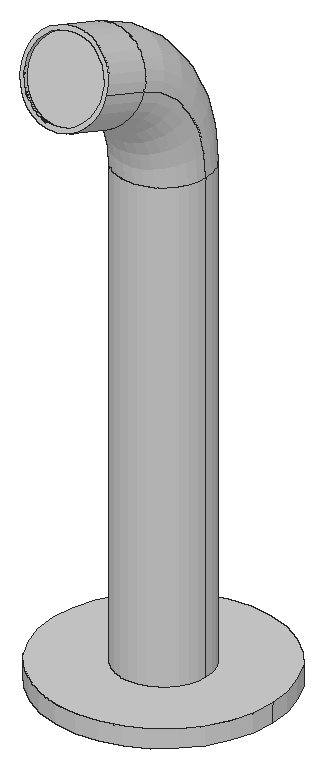
Revit family "Liano II - 175mm Basin-bath Outlet - Round", category Specialty Equipment, host Face, Revit 2019
Family settings
  Host = Face
  Round Connector Dimension = Use Radius
  Part Type = Normal
  OmniClass Number = 23.45.55.14
  OmniClass Title = Single Faucets
  Cut with Voids When Loaded = No
  Shared = No
  Room Calculation Point = No
Parameters (values of type "Liano II - 175mm Basin/bath Outlet - Round - Chrome")
  URL = "https://www.caroma.com.au/"
  Model = "96372C6A"
  Material_Base = GWA_Metal-Chrome
  Manufacturer = "GWA Bathrooms & Kitchens"  # constant formula
  Keynote = ""
  Description = "Liano II - 175mm Basin/bath Outlet - Round - Chrome"
  Default Elevation = 1000 mm
  CreatedBy_ANZRS = "GWA Bathrooms & Kitchens"  # constant formula
  Assembly Code = "C1030220"
Types (6, lengths in mm): name | Model | Material_Base | Description
  (no name) | "96372C6A" | GWA_Metal-Chrome | "Liano II - 175mm Basin/bath Outlet - Round - Chrome"
  Liano II - 175mm Basin/bath Outlet - Round - Chrome | "96372C6A" | GWA_Metal-Chrome | "Liano II - 175mm Basin/bath Outlet - Round - Chrome"
  Liano II - 175mm basin/bath outlet - Round - Matte Black | "96372B6A" | GWA-Metal-Black | "Liano II - 175mm basin/bath outlet - Round - Matte Black"
  Liano II - 175mm basin/bath outlet - Round - Brass | "96372BB6A" | GWA_Metal-Brushed-Brass | "Liano II - 175mm basin/bath outlet - Round - Brass"
  Liano II - 175mm basin/bath outlet - Round - Gunmetal | "96372GM6A" | GWA-Metal-Gunmetal Grey | "Liano II - 175mm basin/bath outlet - Round - Gunmetal"
  Liano II - 175mm basin/bath outlet - Round - Brushed Nickel | "96372BN6A" | GWA_Metal-Brushed-Nickel | "Liano II - 175mm basin/bath outlet - Round - Brushed Nickel"
Reference planes
  plane 1 "Center (Front/Back)": y = 0
  plane 2: z = 0
  plane 3 "Center (Left/Right)": x = 0
Forms (mm)
  Extrusion 1, solid, material "GWA_Metal-Chrome" <- "Material_Base"
    sketch origin (0, 0, 0) x (1, 0, 0) y (0, 1, 0)
      loop
        circle (0, 0) r 32.5
    from 0 to 5.2
  Sweep 2, solid, material "GWA_Metal-Chrome" <- "Material_Base"
    path origin (0, 0, 0) x (0, 1, 0) y (0, 0, 1)
      loop
        line (0, 5.2) -> (0, 137.593)
        arc (0, 137.593) -> (-6.33, 157.668) -> (-23.029, 170.482) r 35
        line (-23.029, 170.482) -> (-36.648, 175.439)
    profile origin (0, 0, 71.396) x (0, -1, 0) y (1, 0, 0)
      loop
        circle (0, 0) r 12.7
  Extrusion 3, void
    sketch origin (0, -88.746, 32.301) x (0, 0.34202, 0.939693) y (1, 0, 0)
      loop
        circle (152.324, 0) r 11.5
    from 1 to -3
Cuts and joins
  Extrusion 3 cuts Sweep 2
Lines and regions (mm)
  Masking region 1
    outline origin (0, 0, 0) x (1, 0, 0) y (0, 1, 0)
      loop
        arc (12.7, -29.916) -> (0, 32.5) -> (-12.7, -29.916) r 32.5
        line (-12.7, -29.916) -> (-12.7, -36.648)
        spline (-12.7, -36.648) -> (-12.267, -37.772) -> (-10.999, -38.82) -> (-8.98, -39.719) -> (-6.35, -40.41) -> (-3.287, -40.844) -> (0, -40.992) -> (3.287, -40.844) -> (6.35, -40.41) -> (8.98, -39.719) -> (10.999, -38.82) -> (12.267, -37.772) -> (12.7, -36.648)
        line (12.7, -36.648) -> (12.7, -29.916)
  Masking region 2
    outline origin (0, 0, 0) x (0, 1, 0) y (0, 0, 1)
      loop
        line (12.7, 5.2) -> (12.7, 137.593)
        arc (12.7, 137.593) -> (4.074, 164.952) -> (-18.686, 182.416) r 47.7
        line (-18.686, 182.416) -> (-32.304, 187.373) -> (-40.992, 163.505) -> (-27.373, 158.548)
        arc (-27.373, 158.548) -> (-16.733, 150.383) -> (-12.7, 137.593) r 22.3
        line (-12.7, 137.593) -> (-12.7, 5.2) -> (-32.5, 5.2) -> (-32.5, 0) -> (32.5, 0) -> (32.5, 5.2) -> (12.7, 5.2)
  Masking region 3
    outline origin (0, 0, 0) x (1, 0, 0) y (0, 0, 1)
      loop
        line (12.7, 5.2) -> (12.7, 175.439)
        spline (12.7, 175.439) -> (12.267, 178.528) -> (10.999, 181.406) -> (8.98, 183.877) -> (6.35, 185.774) -> (3.287, 186.966) -> (0, 187.373) -> (-3.287, 186.966) -> (-6.35, 185.774) -> (-8.98, 183.877) -> (-10.999, 181.406) -> (-12.267, 178.528) -> (-12.7, 175.439)
        line (-12.7, 175.439) -> (-12.7, 5.2) -> (-32.5, 5.2) -> (-32.5, 0) -> (32.5, 0) -> (32.5, 5.2) -> (12.7, 5.2)
  symbolic lines
    curve 1: arc (12.7, -29.916, 0) -> (0, 32.5, 0) -> (-12.7, -29.916, 0) r 32.5
    curve 2: arc (12.7, 0, 0) -> (0, 12.7, 0) -> (-12.7, 0, 0) r 12.7
    curve 3: line (-12.7, 0, 0) -> (-12.7, -36.648, 0)
    curve 4: line (12.7, 0, 0) -> (12.7, -36.648, 0)
    curve 5: spline (12.7, -36.648, 0) -> (12.267, -35.524, 0) -> (10.999, -34.476, 0) -> (8.98, -33.577, 0) -> (6.35, -32.886, 0) -> (3.287, -32.452, 0) -> (0, -32.304, 0) -> (-3.287, -32.452, 0) -> (-6.35, -32.886, 0) -> (-8.98, -33.577, 0) -> (-10.999, -34.476, 0) -> (-12.267, -35.524, 0) -> (-12.7, -36.648, 0)
    curve 6: spline (-12.7, -36.648, 0) -> (-12.267, -37.772, 0) -> (-10.999, -38.82, 0) -> (-8.98, -39.719, 0) -> (-6.35, -40.41, 0) -> (-3.287, -40.844, 0) -> (0, -40.992, 0) -> (3.287, -40.844, 0) -> (6.35, -40.41, 0) -> (8.98, -39.719, 0) -> (10.999, -38.82, 0) -> (12.267, -37.772, 0) -> (12.7, -36.648, 0)
    curve 7: spline (0, -32.715, 0) -> (2.976, -32.849, 0) -> (5.75, -33.242, 0) -> (8.132, -33.867, 0) -> (9.959, -34.681, 0) -> (11.108, -35.63, 0) -> (11.5, -36.648, 0) -> (11.108, -37.666, 0) -> (9.959, -38.615, 0) -> (8.132, -39.429, 0) -> (5.75, -40.054, 0) -> (2.976, -40.447, 0) -> (0, -40.581, 0)
    curve 8: spline (0, -40.581, 0) -> (-2.976, -40.447, 0) -> (-5.75, -40.054, 0) -> (-8.132, -39.429, 0) -> (-9.959, -38.615, 0) -> (-11.108, -37.666, 0) -> (-11.5, -36.648, 0) -> (-11.108, -35.63, 0) -> (-9.959, -34.681, 0) -> (-8.132, -33.867, 0) -> (-5.75, -33.242, 0) -> (-2.976, -32.849, 0) -> (0, -32.715, 0)
    curve 9: spline (-11.418, -36.178, 0) -> (-10.756, -37.1, 0) -> (-9.469, -37.94, 0) -> (-7.631, -38.651, 0) -> (-5.348, -39.19, 0) -> (-2.754, -39.527, 0) -> (0, -39.642, 0) -> (2.754, -39.527, 0) -> (5.348, -39.19, 0) -> (7.631, -38.651, 0) -> (9.469, -37.94, 0) -> (10.756, -37.1, 0) -> (11.418, -36.178, 0)
    curve 10: line (0, 32.5, 5.2) -> (0, -32.5, 5.2)
    curve 11: line (0, -32.5, 5.2) -> (0, -32.5, 0)
    curve 12: line (0, -32.5, 0) -> (0, 32.5, 0)
    curve 13: line (0, 32.5, 0) -> (0, 32.5, 5.2)
    curve 14: line (0, -12.7, 137.593) -> (0, -12.7, 5.2)
    curve 15: line (0, 12.7, 137.593) -> (0, 12.7, 5.2)
    curve 16: arc (0, -27.373, 158.548) -> (0, -16.733, 150.383) -> (0, -12.7, 137.593) r 22.3
    curve 17: arc (0, -18.686, 182.416) -> (0, 4.074, 164.952) -> (0, 12.7, 137.593) r 47.7
    curve 18: line (0, -18.686, 182.416) -> (0, -32.304, 187.373)
    curve 19: line (0, -27.373, 158.548) -> (0, -40.992, 163.505)
    curve 20: line (0, -32.304, 187.373) -> (0, -40.992, 163.505)
    curve 21: line (32.5, 0, 5.2) -> (-32.5, 0, 5.2)
    curve 22: line (-32.5, 0, 5.2) -> (-32.5, 0, 0)
    curve 23: line (-32.5, 0, 0) -> (32.5, 0, 0)
    curve 24: line (32.5, 0, 0) -> (32.5, 0, 5.2)
    curve 25: line (12.7, 0, 5.2) -> (12.7, 0, 175.439)
    curve 26: line (-12.7, 0, 5.2) -> (-12.7, 0, 175.439)
    curve 27: spline (12.7, 0, 175.439) -> (12.267, 0, 178.528) -> (10.999, 0, 181.406) -> (8.98, 0, 183.877) -> (6.35, 0, 185.774) -> (3.287, 0, 186.966) -> (0, 0, 187.373) -> (-3.287, 0, 186.966) -> (-6.35, 0, 185.774) -> (-8.98, 0, 183.877) -> (-10.999, 0, 181.406) -> (-12.267, 0, 178.528) -> (-12.7, 0, 175.439)
Dimensions and locks
  aligned and locked: plane 2 to host face
  aligned and locked: level to host face
